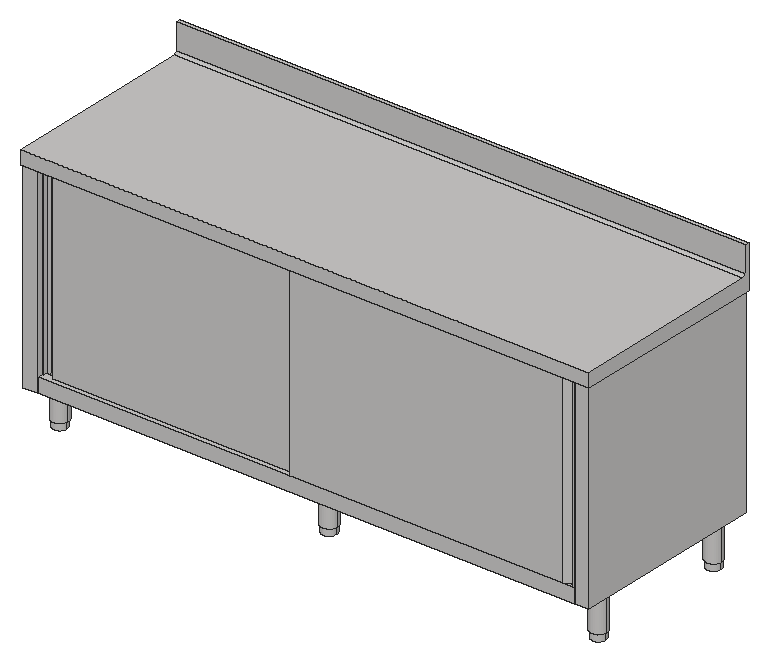
Revit family "QF_ZANUSSI_132781_MTN2010PN", category Attrezzature speciali, Revit 2020
Family settings
  Quota connettore circolare = Usa diametro
  Tipo di parte = Normale
  Basato su piano di lavoro = No
  Sempre verticale = Sì
  Taglio con vuoti quando caricato = No
  Condiviso = No
  Punto di calcolo locali = No
Parameters (values of type "Standard")
  Weight = 75.00 kg
  Watts = 0 W
  Volts = 0 V
  URL Manufacturer = "http://www.zanussiprofessional.com"
  URL = "http://www.zanussiprofessional.com"
  Steam Supply Size = 0 mm
  Steam Supply Minimum Pressure = 0.0 Pa
  Steam Supply Maximum Pressure = 0.0 Pa
  Steam Consumption per Hour = 0
  Refrigeration Suction Line Size = 0.0 mm
  Refrigeration Liquid Line Size = 0.0 mm
  Refrigerant Compressor Remote = yes
  Prospetto di default = 0.0 mm
  Produttore = "Zanussi"
  Phase = 0
  Modello = "MTN2010PN"
  Length Actual = 2000.0 mm  # constant formula
  Item Number = "132781"
  Hot Water Size = 0 mm
  Height Actual = 1000.0 mm  # constant formula
  HP = "0 HP"
  Gas Size = 0 mm
  Gas KW = 0
  Gas Input Pressure = 0 W
  Direct Waste Size = 0 mm
  Descrizione = "WORKTOP CUPB+UPST+SHELF+SLIDING D.2000MM"
  Depth Actual = 700.0 mm  # constant formula
  Cycle = 0 Hz
  Condensate Return Size = 0 mm
  Compressed Air Volume = 0.0 L/s
  Compressed Air Size = 0 mm
  Compressed Air Pressure = 0.0 Pa
  Cold Water Size = 0 mm
  Accessory = yes
Reference planes
  plane 1 "Center (Front/Back)": y = 0
  plane 2: z = 0
  plane 3 "Center (Left/Right)": x = -500
  plane 4 "LEFT": x = -1500
  plane 5 "RIGHT": x = 500
  plane 6 "BACK": y = 350
  plane 7 "FRONT": y = -350
  plane 8 "Base": z = 850
  plane 9 "TOP": z = 900
  plane 10: x = -1446.9
  plane 11: x = 446.9
  plane 12: y = 264.5
  plane 13: y = -241.9
  plane 14 "BodyLeft": x = -1494.5
  plane 15 "BodyFront": y = -344.5
  plane 16 "BodyRight": x = 494.5
  plane 17 "BodyBack": y = 344.5
  plane 18 "FEET": z = 150
  plane 19: x = -444.5
  plane 20: x = -555.5
Forms (mm)
  Extrusion 1, solid, material "QF_Finishes_Stainless Steel"
    sketch origin (-500, 0, 0) x (0, 1, 0) y (0, 0, 1)
      loop
        line (-350, 850) -> (350, 850) -> (350, 1000) -> (337, 1000) -> (337, 910)
        arc (337, 910) -> (334.071, 902.929) -> (327, 900) r 10
        line (327, 900) -> (-350, 900) -> (-350, 850)
    from 1000 to -1000
  Extrusion 2, solid, material "QF_Finishes_Stainless Steel"
    sketch origin (0, 0, 150) x (-1, 0, 0) y (0, -1, 0)
      loop
        line (1494.5, -344.5) -> (1494.5, 344.5) -> (1444.5, 344.5) -> (1444.5, -344.5) -> (1494.5, -344.5)
      loop
        line (-444.5, -344.5) -> (-444.5, 344.5) -> (-494.5, 344.5) -> (-494.5, -344.5) -> (-444.5, -344.5)
    from 0 to 700
  Extrusion 3, solid, material "QF_Finishes_Stainless Steel"
    sketch origin (0, 0, 150) x (-1, 0, 0) y (0, -1, 0)
      loop
        line (1443.585, -344.5) -> (1443.585, 344.5) -> (-444.5, 344.5) -> (-444.5, -344.5) -> (1443.585, -344.5)
    from 0 to 50
  Extrusion 4, solid, material "QF_Finishes_Stainless Steel"
    sketch origin (0, 0, 150) x (-1, 0, 0) y (0, -1, 0)
      loop
        line (1443.585, -344.5) -> (1443.585, -294.5) -> (-444.5, -294.5) -> (-444.5, -344.5) -> (1443.585, -344.5)
    from 50 to 700
  Extrusion 5, solid, material "QF_Finishes_Stainless Steel"
    sketch origin (0, 0, 150) x (-1, 0, 0) y (0, -1, 0)
      loop
        line (-444.5, 344.5) -> (-444.5, 324.5) -> (555.5, 324.5) -> (555.5, 344.5) -> (-404.5, 344.5) -> (-424.5, 329.5) -> (-439.5, 329.5) -> (-439.5, 344.5) -> (-444.5, 344.5)
    from 50 to 700
  Extrusion 6, solid, material "QF_Finishes_Stainless Steel"
    sketch origin (0, 20, 150) x (1, 0, 0) y (0, 1, 0)
      loop
        line (-1444.5, -344.5) -> (-1439.5, -344.5) -> (-1439.5, -329.5) -> (-1424.5, -329.5) -> (-1404.5, -344.5) -> (-444.5, -344.5) -> (-444.5, -324.5) -> (-1444.5, -324.5) -> (-1444.5, -344.5)
    from 50 to 700
Lines and regions (mm)
  symbolic lines
    curve 1: line (500, 350, 900) -> (-1500, 350, 900)
    curve 2: line (-1500, 350, 900) -> (-1500, -350, 900)
    curve 3: line (-1500, -350, 900) -> (500, -350, 900)
    curve 4: line (500, -350, 900) -> (500, 350, 900)
    curve 5: line (-1500, 337, 900) -> (500, 337, 900)
  symbolic lines, style "SpecialityEquipmentHiddenLines"
    curve 6: line (-1494.5, -344.5, 150) -> (-1494.5, 344.5, 150)
    curve 7: line (-1494.5, 344.5, 150) -> (494.5, 344.5, 150)
    curve 8: line (494.5, 344.5, 150) -> (494.5, -344.5, 150)
    curve 9: line (494.5, -344.5, 150) -> (-1494.5, -344.5, 150)
    curve 10: line (-1444.5, -304.5, 150) -> (-444.5, -304.5, 150)
    curve 11: line (-444.5, -304.5, 150) -> (-444.5, -324.5, 150)
    curve 12: line (444.5, -324.5, 150) -> (-1444.5, -324.5, 150)
    curve 13: line (-1444.5, -324.5, 150) -> (-1444.5, -304.5, 150)
    curve 14: line (-555.5, -344.5, 150) -> (-555.5, -324.5, 150)
Dimensions and locks
  plane 4 "LEFT" to plane 5 "RIGHT" = 2000.0 mm
  equal spacing: plane 4 "LEFT", plane 3 "Center (Left/Right)", plane 5 "RIGHT"
  locked: plane 8 "Base" to level at 850
  locked: Extrusion 1 to level at 1000
  plane 9 "TOP" to level = 900.0 mm
  plane 6 "BACK" to plane 7 "FRONT" = 700.0 mm
  equal spacing: plane 6 "BACK", plane 1 "Center (Front/Back)", plane 7 "FRONT"
  locked: plane 4 "LEFT" to plane 14 "BodyLeft" at 5.5
  locked: plane 16 "BodyRight" to plane 5 "RIGHT" at 5.5
  locked: plane 15 "BodyFront" to plane 7 "FRONT" at 5.5
  locked: plane 6 "BACK" to plane 17 "BodyBack" at 5.5
  locked: plane 14 "BodyLeft" to plane 10 at 47.6
  locked: plane 11 to plane 16 "BodyRight" at 47.6
  locked: plane 13 to plane 15 "BodyFront" at 102.6
  locked: plane 17 "BodyBack" to plane 12 at 80
  plane 10 to plane 11 = 1893.8 mm
  plane 12 to plane 13 = 506.4 mm
  locked: plane 14 "BodyLeft" to Extrusion 2 sketch curve at 50
  locked: Extrusion 2 sketch curve to Extrusion 2 sketch curve at 50
  Extrusion 3 to Extrusion 4 sketch curve = 50.0 mm
  Extrusion 2 to plane 19 = 1000.0 mm
  plane 20 to Extrusion 2 = 1000.0 mm
  locked: plane 18 "FEET" to level at 150
  aligned and locked: level to plane 2
  aligned and locked: plane 10 to nested 1
  aligned and locked: nested 1 to plane 13
  aligned and locked: plane 11 to nested 2
  aligned and locked: nested 2 to plane 13
  aligned and locked: plane 11 to nested 4
  aligned and locked: nested 4 to plane 12
  aligned and locked: plane 10 to nested 3
  aligned and locked: nested 3 to plane 12
  aligned and locked: Extrusion 1 to plane 4 "LEFT"
  aligned and locked: plane 5 "RIGHT" to Extrusion 1
  aligned and locked: curve 2 to plane 4 "LEFT"
  aligned and locked: plane 17 "BodyBack" to Extrusion 2 sketch curve
  aligned and locked: Extrusion 2 sketch curve to plane 15 "BodyFront"
  aligned and locked: Extrusion 2 sketch curve to plane 14 "BodyLeft"
  aligned and locked: plane 16 "BodyRight" to Extrusion 2 sketch curve
  aligned and locked: Extrusion 2 sketch curve to plane 17 "BodyBack"
  aligned and locked: plane 15 "BodyFront" to Extrusion 2 sketch curve
  aligned and locked: Extrusion 3 sketch curve to plane 17 "BodyBack"
  aligned and locked: plane 15 "BodyFront" to Extrusion 3 sketch curve
  aligned and locked: plane 8 "Base" to Extrusion 2
  aligned and locked: plane 8 "Base" to Extrusion 5
  aligned and locked: Extrusion 5 to Extrusion 3
  aligned and locked: Extrusion 6 sketch curve to plane 19
  aligned and locked: Extrusion 5 sketch curve to plane 20
  aligned and locked: curve 7 to plane 17 "BodyBack"
  aligned and locked: Extrusion 2 to plane 14 "BodyLeft"
  aligned and locked: plane 16 "BodyRight" to curve 8
  aligned and locked: plane 15 "BodyFront" to curve 9
  aligned and locked: plane 3 "Center (Left/Right)" to nested 5
  aligned and locked: plane 3 "Center (Left/Right)" to nested 6
Automatic sketch dimensions
  curve 3 to plane 7 "FRONT" = 0.0 mm
  curve 5 to plane 5 "RIGHT" = 0.0 mm
  curve 4 to plane 6 "BACK" = 0.0 mm
  curve 5 to plane 17 "BodyBack" = 7.5 mm
  Extrusion 1 sketch curve to plane 7 "FRONT" = 0.0 mm
  Extrusion 1 sketch curve to plane 9 "TOP" = 0.0 mm
  Extrusion 1 sketch curve to plane 6 "BACK" = 0.0 mm
  Extrusion 1 sketch curve to plane 8 "Base" = 0.0 mm
  Extrusion 1 sketch curve to plane 17 "BodyBack" = 17.5 mm
  Extrusion 1 sketch curve to plane 17 "BodyBack" = 7.5 mm
  Extrusion 1 sketch curve to Extrusion 1 sketch curve = 90.0 mm
  Extrusion 5 sketch curve to plane 15 "BodyFront" = 0.0 mm  (x2)
  Extrusion 5 sketch curve to plane 11 = 2.4 mm
  Extrusion 5 sketch curve to Extrusion 5 sketch curve = 5.0 mm
  Extrusion 5 sketch curve to Extrusion 5 sketch curve = 15.0 mm
  Extrusion 5 sketch curve to Extrusion 5 sketch curve = 20.0 mm
  plane 15 "BodyFront" to Extrusion 5 sketch curve = 15.0 mm
  plane 15 "BodyFront" to Extrusion 5 sketch curve = 20.0 mm
  Extrusion 6 sketch curve to plane 15 "BodyFront" = 20.0 mm  (x2)
  Extrusion 6 sketch curve to plane 10 = 2.4 mm
  Extrusion 6 sketch curve to Extrusion 6 sketch curve = 5.0 mm
  Extrusion 6 sketch curve to Extrusion 6 sketch curve = 15.0 mm
  Extrusion 6 sketch curve to Extrusion 6 sketch curve = 20.0 mm  (x2)
  Extrusion 6 sketch curve to plane 15 "BodyFront" = 35.0 mm
  Extrusion 3 sketch curve to plane 11 = 2.4 mm
  plane 10 to Extrusion 3 sketch curve = 3.315 mm
  Extrusion 4 sketch curve to plane 11 = 2.4 mm
  plane 10 to Extrusion 4 sketch curve = 3.315 mm
  curve 10 to plane 19 = 0.0 mm
  curve 14 to plane 20 = 0.0 mm
  curve 7 to plane 14 "BodyLeft" = 0.0 mm
  plane 10 to curve 13 = 2.4 mm
  curve 10 to curve 13 = 20.0 mm
  curve 12 to plane 11 = 2.4 mm
  plane 15 "BodyFront" to curve 14 = 20.0 mm
Nested families
  nested 1: "FEET_D58-150" at (-1446.9, -241.9, 0), type "FEET_D58-150"
  nested 2: "FEET_D58-150" at (446.9, -241.9, 0), type "FEET_D58-150"
  nested 3: "FEET_D58-150" at (-1446.9, 264.5, 0), type "FEET_D58-150"
  nested 4: "FEET_D58-150" at (446.9, 264.5, 0), type "FEET_D58-150"
  nested 5: "FEET_D58-150" at (-500, -241.9, 0), type "FEET_D58-150"
  nested 6: "FEET_D58-150" at (-500, 264.5, 0), type "FEET_D58-150"
Definition of nested family "FEET_D58-150"
  Parameters
    Default Elevation = 0.0 mm
    FEET = 150.0 mm
  Reference planes
    plane 1 "Center (Front/Back)": y = 0
    plane 2: z = 0
    plane 3 "Center (Left/Right)": x = 0
    plane 4: z = 150
  Forms (mm)
    Extrusion 1, solid
      sketch origin (0, 0, 0) x (1, 0, 0) y (0, 1, 0)
        loop
          circle (0, 0) r 25
      from 0 to 25
    Extrusion 2, solid
      sketch origin (0, 0, 0) x (1, 0, 0) y (0, 1, 0)
        loop
          circle (0.061, 0) r 29
      from 25 to 150 <- "FEET"
  Lines and regions (mm)
    symbolic lines
      curve 1: line (0, -1.503, 0) -> (0, 1.508, 0)
      curve 2: line (1.561, 0, 0) -> (-1.439, 0, 0)
  Dimensions and locks
    "FEET": plane 4 to plane 2
    aligned and locked: level to plane 2
  Automatic sketch dimensions
    plane 1 "Center (Front/Back)" to Extrusion 1 sketch curve = 0.0 mm
    Extrusion 1 sketch curve to plane 3 "Center (Left/Right)" = 0.0 mm
    plane 1 "Center (Front/Back)" to curve 2 = 0.0 mm
    curve 1 to plane 3 "Center (Left/Right)" = 0.0 mm
    curve 2 to plane 3 "Center (Left/Right)" = 1.439 mm
    plane 3 "Center (Left/Right)" to curve 2 = 1.561 mm
    plane 1 "Center (Front/Back)" to curve 1 = 1.503 mm
    curve 1 to plane 1 "Center (Front/Back)" = 1.508 mm
    plane 1 "Center (Front/Back)" to Extrusion 2 sketch curve = 0.0 mm
    plane 3 "Center (Left/Right)" to Extrusion 2 sketch curve = 0.061 mm
    radius of Extrusion 1 sketch curve = 25.0 mm
    radius of Extrusion 2 sketch curve = 29.0 mm
